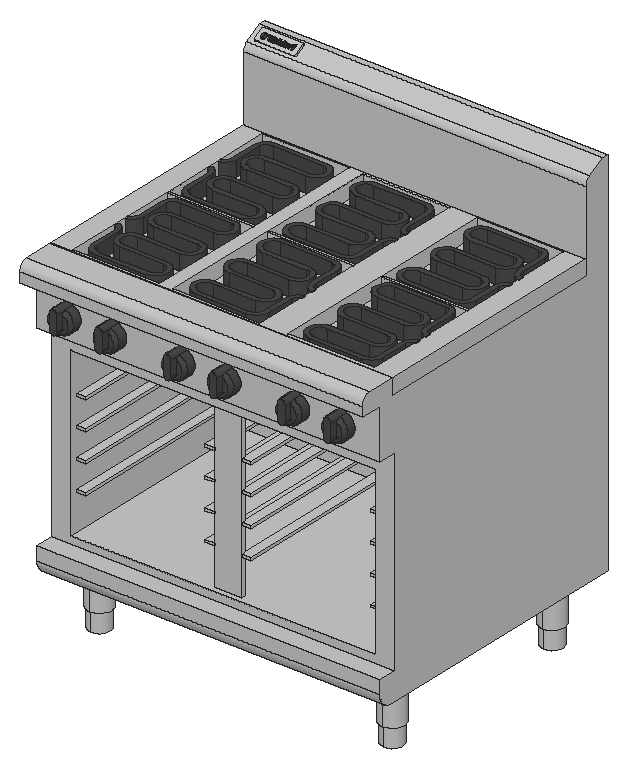
Revit family "QF_MOFFAT WALDORF_RN8600E-CB", category Specialty Equipment, Revit 2012
Parameters
  Weight in Pounds = 286.6006
  Watts = 14400 W
  Volts = 415 V
  URL Cutsheet = "www.moffat.com"
  URL = "www.moffat.com"
  Type Mark [instance] = ""
  Status [instance] = ""
  Specification by User [instance] = ""
  Specification by Manufacturer = ""
  Show Logo [instance] = yes
  Show Casters [instance] = no
  Serial Number = ""
  Seismic Rating = ""
  SMACNA No = ""
  Revision Code [instance] = ""
  Phase = 3
  Omniclass Number and Title = ""
  Number of Poles = 1
  NAFEM Spec ID Number = ""
  Model = "RN8600E-CB"
  Min Ckt Ampacity = 0 A
  Max Overcurrent Protection = 0 A
  Masterspec = ""
  Manufacturer = "MOFFAT WALDORF"
  Legs [instance] = not(Show Casters)  # yes
  Item Number [instance] = ""
  Installed By [instance] = ""
  Identify Quantity as Lot [instance] = yes
  HP = ""
  Furnished By [instance] = ""
  Foodservice Equipment Identifier [instance] = yes
  FL Amps = 20 A
  Elec Conn RI Height = 0.0 mm
  Elec Conn Connection Height = 0.0 mm
  Description = "COOK TOP ELECTRIC ON CABINET BASE"
  Cycle = 50 Hz
  Conn Plug = ""
  Conn Conduit = yes
  CSI MasterFormat = ""
  CSI Master Format = ""
  Base Height [instance] = 150.0 mm
  Apparent Power = if(Phase = 3, Volts * FL Amps * 1.73, Volts * FL Amps)  # 14359 VA
Reference planes
  plane 1 "BACK": y = 0
  plane 2: z = 0
  plane 3 "LEFT": x = 0
  plane 4 "RIGHT": x = 900
  plane 5 "FRONT": y = -805
  plane 6 "TOP": z = 1130
  plane 7 "Center Y": x = 450
  plane 8 "Center X": y = -402.5
  plane 9 "Base Height": z = 150
  plane 10: z = 915
  plane 11: x = 65.8
Forms (mm)
  Extrusion 1, solid, material "QF_Finishes_Stainless Steel"
    sketch origin (0, 0, 0) x (0, 1, 0) y (0, 0, 1)
      loop
        line (-805, 891) -> (-805, 866) -> (-749, 866) -> (-749, 735) -> (-130.5, 735) -> (-130.5, 222.5) -> (-749, 222.5) -> (-749, 188)
        arc (-749, 188) -> (-737.87, 161.13) -> (-711, 150) r 38
        line (-711, 150) -> (0, 150) -> (0, 1130) -> (-16.5, 1130) -> (-58.709, 1105.631)
        arc (-58.709, 1105.631) -> (-66.975, 1097.365) -> (-70, 1086.074) r 22.582
        line (-70, 1086.074) -> (-70, 875) -> (-705, 875) -> (-705, 915) -> (-781, 915)
        arc (-781, 915) -> (-797.971, 907.971) -> (-805, 891) r 24
    from 0 to 900
  Revolve 2, solid, material "QF_Finishes_Black"
    sketch origin (210, 0, 600) x (0, -1, 0) y (0, 0, 1)
      loop
        line (782, 229.605) -> (759, 229.605) -> (759, 202.105) -> (749, 202.105) -> (749, 197.105) -> (793, 197.105) -> (793, 223.757) -> (782, 229.605)
      axis (793, 197.105) -> (749, 197.105)
    angle from 0 to 360
  Extrusion 3, solid, material "QF_Finishes_Black"
    sketch origin (-78.431, 0, 496.003) x (1, 0, 0) y (0, 0, 1)
      loop
        line (298.431, 289) -> (298.431, 327.997)
        arc (298.431, 327.997) -> (288.431, 337.997) -> (278.431, 327.997) r 10
        line (278.431, 327.997) -> (278.431, 289)
        arc (278.431, 289) -> (288.431, 279) -> (298.431, 289) r 10
    from 759 to 808
  Extrusion 4, void
    sketch origin (705, 3, 100) x (1, 0, 0) y (0, 1, 0)
      loop
        circle (65, -35) r 13.5
    from 610 to 570
  Revolve 5, solid, material "QF_Finishes_Black"
    sketch origin (89.999, 0, 599.873) x (0, 1, 0) y (0, 0, -1)
      loop
        line (-782, -229.5) -> (-759, -229.5) -> (-759, -202) -> (-749, -202) -> (-749, -197) -> (-793, -197) -> (-793, -223.651) -> (-782, -229.5)
      axis (-793, -197) -> (-749, -197)
    angle from 0 to 360
  Extrusion 6, solid, material "QF_Finishes_Black"
    sketch origin (228.269, 0, 600.031) x (-1, 0, 0) y (0, 0, -1)
      loop
        arc (148.269, -184.969) -> (138.269, -174.969) -> (128.269, -184.969) r 10
        line (128.269, -184.969) -> (128.269, -223.969)
        arc (128.269, -223.969) -> (138.269, -233.969) -> (148.269, -223.969) r 10
        line (148.269, -223.969) -> (148.269, -184.969)
    from 759 to 808
  Revolve 7, solid, material "QF_Finishes_Black"
    sketch origin (510, 0, 600) x (0, -1, 0) y (0, 0, 1)
      loop
        line (782, 229.605) -> (759, 229.605) -> (759, 202.105) -> (749, 202.105) -> (749, 197.105) -> (793, 197.105) -> (793, 223.757) -> (782, 229.605)
      axis (793, 197.105) -> (749, 197.105)
    angle from 0 to 360
  Extrusion 8, solid, material "QF_Finishes_Black"
    sketch origin (371.569, 0, 496.003) x (1, 0, 0) y (0, 0, 1)
      loop
        line (148.431, 289) -> (148.431, 327.997)
        arc (148.431, 327.997) -> (138.431, 337.997) -> (128.431, 327.997) r 10
        line (128.431, 327.997) -> (128.431, 289)
        arc (128.431, 289) -> (138.431, 279) -> (148.431, 289) r 10
    from 759 to 808
  Revolve 9, solid, material "QF_Finishes_Black"
    sketch origin (389.999, 0, 599.873) x (0, 1, 0) y (0, 0, -1)
      loop
        line (-782, -229.5) -> (-759, -229.5) -> (-759, -202) -> (-749, -202) -> (-749, -197) -> (-793, -197) -> (-793, -223.651) -> (-782, -229.5)
      axis (-793, -197) -> (-749, -197)
    angle from 0 to 360
  Extrusion 10, solid, material "QF_Finishes_Black"
    sketch origin (378.269, 0, 600.031) x (-1, 0, 0) y (0, 0, -1)
      loop
        arc (-1.731, -184.969) -> (-11.731, -174.969) -> (-21.731, -184.969) r 10
        line (-21.731, -184.969) -> (-21.731, -223.969)
        arc (-21.731, -223.969) -> (-11.731, -233.969) -> (-1.731, -223.969) r 10
        line (-1.731, -223.969) -> (-1.731, -184.969)
    from 759 to 808
  Revolve 11, solid, material "QF_Finishes_Black"
    sketch origin (810, 0, 600) x (0, -1, 0) y (0, 0, 1)
      loop
        line (782, 229.605) -> (759, 229.605) -> (759, 202.105) -> (749, 202.105) -> (749, 197.105) -> (793, 197.105) -> (793, 223.757) -> (782, 229.605)
      axis (793, 197.105) -> (749, 197.105)
    angle from 0 to 360
  Extrusion 12, solid, material "QF_Finishes_Black"
    sketch origin (671.569, 0, 496.003) x (1, 0, 0) y (0, 0, 1)
      loop
        line (148.431, 289) -> (148.431, 327.997)
        arc (148.431, 327.997) -> (138.431, 337.997) -> (128.431, 327.997) r 10
        line (128.431, 327.997) -> (128.431, 289)
        arc (128.431, 289) -> (138.431, 279) -> (148.431, 289) r 10
    from 759 to 808
  Revolve 13, solid, material "QF_Finishes_Black"
    sketch origin (689.999, 0, 599.873) x (0, 1, 0) y (0, 0, -1)
      loop
        line (-782, -229.5) -> (-759, -229.5) -> (-759, -202) -> (-749, -202) -> (-749, -197) -> (-793, -197) -> (-793, -223.651) -> (-782, -229.5)
      axis (-793, -197) -> (-749, -197)
    angle from 0 to 360
  Extrusion 14, solid, material "QF_Finishes_Black"
    sketch origin (678.269, 0, 600.031) x (-1, 0, 0) y (0, 0, -1)
      loop
        arc (-1.731, -184.969) -> (-11.731, -174.969) -> (-21.731, -184.969) r 10
        line (-21.731, -184.969) -> (-21.731, -223.969)
        arc (-21.731, -223.969) -> (-11.731, -233.969) -> (-1.731, -223.969) r 10
        line (-1.731, -223.969) -> (-1.731, -184.969)
    from 759 to 808
  Extrusion 15, solid, material "QF_Finishes_Stainless Steel"
    sketch origin (0, -70, 875) x (0, -1, 0) y (1, 0, 0)
      loop
        line (1, 0) -> (635, 0) -> (635, 900) -> (1, 900) -> (1, 0)
      loop
        line (628.25, 54) -> (628.25, 282.75) -> (321.3, 282.75) -> (321.3, 54) -> (628.25, 54)
      loop
        line (6.75, 54) -> (313.7, 54) -> (313.7, 282.75) -> (6.75, 282.75) -> (6.75, 54)
      loop
        line (6.75, 317.25) -> (313.7, 317.25) -> (313.7, 546) -> (6.75, 546) -> (6.75, 317.25)
      loop
        line (628.25, 317.25) -> (628.25, 546) -> (321.3, 546) -> (321.3, 317.25) -> (628.25, 317.25)
      loop
        line (628.25, 846) -> (321.3, 846) -> (321.3, 617.25) -> (628.25, 617.25) -> (628.25, 846)
      loop
        line (6.75, 846) -> (6.75, 617.25) -> (313.7, 617.25) -> (313.7, 846) -> (6.75, 846)
    from 0 to 40
  Extrusion 16, solid, material "QF_Finishes_Black"
    sketch origin (0, -70, 875) x (0, -1, 0) y (1, 0, 0)
      loop
        arc (20.503, 102.138) -> (29.265, 78.692) -> (52.032, 68.293) r 32.731
        line (52.032, 68.293) -> (123.291, 68.293)
        arc (123.291, 68.293) -> (134.915, 64.189) -> (141.853, 54) r 19.786
        line (141.853, 54) -> (154.156, 54)
        arc (154.156, 54) -> (143.507, 72.673) -> (123.41, 80.3) r 31.79
        line (123.41, 80.3) -> (52.272, 80.3)
        arc (52.272, 80.3) -> (37.925, 87.003) -> (32.5, 101.881) r 20.722
        line (32.5, 101.881) -> (32.5, 234.6)
        arc (32.5, 234.6) -> (54.2, 256.3) -> (75.9, 234.6) r 21.7
        line (75.9, 234.6) -> (75.9, 122)
        arc (75.9, 122) -> (109.6, 88.3) -> (143.3, 122) r 33.7
        line (143.3, 122) -> (143.3, 234.6)
        arc (143.3, 234.6) -> (165, 256.3) -> (186.7, 234.6) r 21.7
        line (186.7, 234.6) -> (186.7, 122)
        arc (186.7, 122) -> (220.4, 88.3) -> (254.1, 122) r 33.7
        line (254.1, 122) -> (254.1, 234.6)
        arc (254.1, 234.6) -> (275.8, 256.3) -> (297.5, 234.6) r 21.7
        line (297.5, 234.6) -> (297.5, 101.881)
        arc (297.5, 101.881) -> (292.075, 87.003) -> (277.728, 80.3) r 20.722
        line (277.728, 80.3) -> (206.584, 80.3)
        arc (206.584, 80.3) -> (186.467, 72.659) -> (175.749, 54) r 31.973
        line (175.749, 54) -> (188.064, 54)
        arc (188.064, 54) -> (195.064, 64.184) -> (206.716, 68.3) r 19.973
        line (206.716, 68.3) -> (277.967, 68.3)
        arc (277.967, 68.3) -> (300.725, 78.682) -> (309.5, 102.106) r 32.722
        line (309.5, 102.106) -> (309.5, 234.6)
        arc (309.5, 234.6) -> (275.8, 268.3) -> (242.1, 234.6) r 33.7
        line (242.1, 234.6) -> (242.1, 122)
        arc (242.1, 122) -> (220.4, 100.3) -> (198.7, 122) r 21.7
        line (198.7, 122) -> (198.7, 234.6)
        arc (198.7, 234.6) -> (165, 268.3) -> (131.3, 234.6) r 33.7
        line (131.3, 234.6) -> (131.3, 122)
        arc (131.3, 122) -> (109.6, 100.3) -> (87.9, 122) r 21.7
        line (87.9, 122) -> (87.9, 234.6)
        arc (87.9, 234.6) -> (54.202, 268.298) -> (20.503, 234.6) r 33.698
        line (20.503, 234.6) -> (20.503, 102.138)
      loop
        arc (325.503, 102.138) -> (334.265, 78.692) -> (357.032, 68.293) r 32.731
        line (357.032, 68.293) -> (428.291, 68.293)
        arc (428.291, 68.293) -> (439.915, 64.189) -> (446.853, 54) r 19.786
        line (446.853, 54) -> (459.156, 54)
        arc (459.156, 54) -> (448.507, 72.673) -> (428.41, 80.3) r 31.79
        line (428.41, 80.3) -> (357.272, 80.3)
        arc (357.272, 80.3) -> (342.925, 87.003) -> (337.5, 101.881) r 20.722
        line (337.5, 101.881) -> (337.5, 234.6)
        arc (337.5, 234.6) -> (359.2, 256.3) -> (380.9, 234.6) r 21.7
        line (380.9, 234.6) -> (380.9, 122)
        arc (380.9, 122) -> (414.6, 88.3) -> (448.3, 122) r 33.7
        line (448.3, 122) -> (448.3, 234.6)
        arc (448.3, 234.6) -> (470, 256.3) -> (491.7, 234.6) r 21.7
        line (491.7, 234.6) -> (491.7, 122)
        arc (491.7, 122) -> (525.4, 88.3) -> (559.1, 122) r 33.7
        line (559.1, 122) -> (559.1, 234.6)
        arc (559.1, 234.6) -> (580.8, 256.3) -> (602.5, 234.6) r 21.7
        line (602.5, 234.6) -> (602.5, 101.881)
        arc (602.5, 101.881) -> (597.075, 87.003) -> (582.728, 80.3) r 20.722
        line (582.728, 80.3) -> (511.584, 80.3)
        arc (511.584, 80.3) -> (491.467, 72.659) -> (480.749, 54) r 31.973
        line (480.749, 54) -> (493.064, 54)
        arc (493.064, 54) -> (500.064, 64.184) -> (511.716, 68.3) r 19.973
        line (511.716, 68.3) -> (582.967, 68.3)
        arc (582.967, 68.3) -> (605.725, 78.682) -> (614.5, 102.106) r 32.722
        line (614.5, 102.106) -> (614.5, 234.6)
        arc (614.5, 234.6) -> (580.8, 268.3) -> (547.1, 234.6) r 33.7
        line (547.1, 234.6) -> (547.1, 122)
        arc (547.1, 122) -> (525.4, 100.3) -> (503.7, 122) r 21.7
        line (503.7, 122) -> (503.7, 234.6)
        arc (503.7, 234.6) -> (470, 268.3) -> (436.3, 234.6) r 33.7
        line (436.3, 234.6) -> (436.3, 122)
        arc (436.3, 122) -> (414.6, 100.3) -> (392.9, 122) r 21.7
        line (392.9, 122) -> (392.9, 234.6)
        arc (392.9, 234.6) -> (359.202, 268.298) -> (325.503, 234.6) r 33.698
        line (325.503, 234.6) -> (325.503, 102.138)
      loop
        line (20.503, 497.862) -> (20.503, 365.4)
        arc (20.503, 365.4) -> (54.202, 331.702) -> (87.9, 365.4) r 33.698
        line (87.9, 365.4) -> (87.9, 478)
        arc (87.9, 478) -> (109.6, 499.7) -> (131.3, 478) r 21.7
        line (131.3, 478) -> (131.3, 365.4)
        arc (131.3, 365.4) -> (165, 331.7) -> (198.7, 365.4) r 33.7
        line (198.7, 365.4) -> (198.7, 478)
        arc (198.7, 478) -> (220.4, 499.7) -> (242.1, 478) r 21.7
        line (242.1, 478) -> (242.1, 365.4)
        arc (242.1, 365.4) -> (275.8, 331.7) -> (309.5, 365.4) r 33.7
        line (309.5, 365.4) -> (309.5, 497.894)
        arc (309.5, 497.894) -> (300.725, 521.318) -> (277.967, 531.7) r 32.722
        line (277.967, 531.7) -> (206.716, 531.7)
        arc (206.716, 531.7) -> (195.064, 535.816) -> (188.064, 546) r 19.973
        line (188.064, 546) -> (175.749, 546)
        arc (175.749, 546) -> (186.467, 527.341) -> (206.584, 519.7) r 31.973
        line (206.584, 519.7) -> (277.728, 519.7)
        arc (277.728, 519.7) -> (292.075, 512.997) -> (297.5, 498.119) r 20.722
        line (297.5, 498.119) -> (297.5, 365.4)
        arc (297.5, 365.4) -> (275.8, 343.7) -> (254.1, 365.4) r 21.7
        line (254.1, 365.4) -> (254.1, 478)
        arc (254.1, 478) -> (220.4, 511.7) -> (186.7, 478) r 33.7
        line (186.7, 478) -> (186.7, 365.4)
        arc (186.7, 365.4) -> (165, 343.7) -> (143.3, 365.4) r 21.7
        line (143.3, 365.4) -> (143.3, 478)
        arc (143.3, 478) -> (109.6, 511.7) -> (75.9, 478) r 33.7
        line (75.9, 478) -> (75.9, 365.4)
        arc (75.9, 365.4) -> (54.2, 343.7) -> (32.5, 365.4) r 21.7
        line (32.5, 365.4) -> (32.5, 498.119)
        arc (32.5, 498.119) -> (37.925, 512.997) -> (52.272, 519.7) r 20.722
        line (52.272, 519.7) -> (123.41, 519.7)
        arc (123.41, 519.7) -> (143.507, 527.327) -> (154.156, 546) r 31.79
        line (154.156, 546) -> (141.853, 546)
        arc (141.853, 546) -> (134.915, 535.811) -> (123.291, 531.707) r 19.786
        line (123.291, 531.707) -> (52.032, 531.707)
        arc (52.032, 531.707) -> (29.265, 521.308) -> (20.503, 497.862) r 32.731
      loop
        line (325.503, 497.862) -> (325.503, 365.4)
        arc (325.503, 365.4) -> (359.202, 331.702) -> (392.9, 365.4) r 33.698
        line (392.9, 365.4) -> (392.9, 478)
        arc (392.9, 478) -> (414.6, 499.7) -> (436.3, 478) r 21.7
        line (436.3, 478) -> (436.3, 365.4)
        arc (436.3, 365.4) -> (470, 331.7) -> (503.7, 365.4) r 33.7
        line (503.7, 365.4) -> (503.7, 478)
        arc (503.7, 478) -> (525.4, 499.7) -> (547.1, 478) r 21.7
        line (547.1, 478) -> (547.1, 365.4)
        arc (547.1, 365.4) -> (580.8, 331.7) -> (614.5, 365.4) r 33.7
        line (614.5, 365.4) -> (614.5, 497.894)
        arc (614.5, 497.894) -> (605.725, 521.318) -> (582.967, 531.7) r 32.722
        line (582.967, 531.7) -> (511.716, 531.7)
        arc (511.716, 531.7) -> (500.064, 535.816) -> (493.064, 546) r 19.973
        line (493.064, 546) -> (480.749, 546)
        arc (480.749, 546) -> (491.467, 527.341) -> (511.584, 519.7) r 31.973
        line (511.584, 519.7) -> (582.728, 519.7)
        arc (582.728, 519.7) -> (597.075, 512.997) -> (602.5, 498.119) r 20.722
        line (602.5, 498.119) -> (602.5, 365.4)
        arc (602.5, 365.4) -> (580.8, 343.7) -> (559.1, 365.4) r 21.7
        line (559.1, 365.4) -> (559.1, 478)
        arc (559.1, 478) -> (525.4, 511.7) -> (491.7, 478) r 33.7
        line (491.7, 478) -> (491.7, 365.4)
        arc (491.7, 365.4) -> (470, 343.7) -> (448.3, 365.4) r 21.7
        line (448.3, 365.4) -> (448.3, 478)
        arc (448.3, 478) -> (414.6, 511.7) -> (380.9, 478) r 33.7
        line (380.9, 478) -> (380.9, 365.4)
        arc (380.9, 365.4) -> (359.2, 343.7) -> (337.5, 365.4) r 21.7
        line (337.5, 365.4) -> (337.5, 498.119)
        arc (337.5, 498.119) -> (342.925, 512.997) -> (357.272, 519.7) r 20.722
        line (357.272, 519.7) -> (428.41, 519.7)
        arc (428.41, 519.7) -> (448.507, 527.327) -> (459.156, 546) r 31.79
        line (459.156, 546) -> (446.853, 546)
        arc (446.853, 546) -> (439.915, 535.811) -> (428.291, 531.707) r 19.786
        line (428.291, 531.707) -> (357.032, 531.707)
        arc (357.032, 531.707) -> (334.265, 521.308) -> (325.503, 497.862) r 32.731
      loop
        line (20.503, 797.862) -> (20.503, 665.4)
        arc (20.503, 665.4) -> (54.202, 631.702) -> (87.9, 665.4) r 33.698
        line (87.9, 665.4) -> (87.9, 778)
        arc (87.9, 778) -> (109.6, 799.7) -> (131.3, 778) r 21.7
        line (131.3, 778) -> (131.3, 665.4)
        arc (131.3, 665.4) -> (165, 631.7) -> (198.7, 665.4) r 33.7
        line (198.7, 665.4) -> (198.7, 778)
        arc (198.7, 778) -> (220.4, 799.7) -> (242.1, 778) r 21.7
        line (242.1, 778) -> (242.1, 665.4)
        arc (242.1, 665.4) -> (275.8, 631.7) -> (309.5, 665.4) r 33.7
        line (309.5, 665.4) -> (309.5, 797.894)
        arc (309.5, 797.894) -> (300.725, 821.318) -> (277.967, 831.7) r 32.722
        line (277.967, 831.7) -> (206.716, 831.7)
        arc (206.716, 831.7) -> (195.064, 835.816) -> (188.064, 846) r 19.973
        line (188.064, 846) -> (175.749, 846)
        arc (175.749, 846) -> (186.467, 827.341) -> (206.584, 819.7) r 31.973
        line (206.584, 819.7) -> (277.728, 819.7)
        arc (277.728, 819.7) -> (292.075, 812.997) -> (297.5, 798.119) r 20.722
        line (297.5, 798.119) -> (297.5, 665.4)
        arc (297.5, 665.4) -> (275.8, 643.7) -> (254.1, 665.4) r 21.7
        line (254.1, 665.4) -> (254.1, 778)
        arc (254.1, 778) -> (220.4, 811.7) -> (186.7, 778) r 33.7
        line (186.7, 778) -> (186.7, 665.4)
        arc (186.7, 665.4) -> (165, 643.7) -> (143.3, 665.4) r 21.7
        line (143.3, 665.4) -> (143.3, 778)
        arc (143.3, 778) -> (109.6, 811.7) -> (75.9, 778) r 33.7
        line (75.9, 778) -> (75.9, 665.4)
        arc (75.9, 665.4) -> (54.2, 643.7) -> (32.5, 665.4) r 21.7
        line (32.5, 665.4) -> (32.5, 798.119)
        arc (32.5, 798.119) -> (37.925, 812.997) -> (52.272, 819.7) r 20.722
        line (52.272, 819.7) -> (123.41, 819.7)
        arc (123.41, 819.7) -> (143.507, 827.327) -> (154.156, 846) r 31.79
        line (154.156, 846) -> (141.853, 846)
        arc (141.853, 846) -> (134.915, 835.811) -> (123.291, 831.707) r 19.786
        line (123.291, 831.707) -> (52.032, 831.707)
        arc (52.032, 831.707) -> (29.265, 821.308) -> (20.503, 797.862) r 32.731
      loop
        line (325.503, 797.862) -> (325.503, 665.4)
        arc (325.503, 665.4) -> (359.202, 631.702) -> (392.9, 665.4) r 33.698
        line (392.9, 665.4) -> (392.9, 778)
        arc (392.9, 778) -> (414.6, 799.7) -> (436.3, 778) r 21.7
        line (436.3, 778) -> (436.3, 665.4)
        arc (436.3, 665.4) -> (470, 631.7) -> (503.7, 665.4) r 33.7
        line (503.7, 665.4) -> (503.7, 778)
        arc (503.7, 778) -> (525.4, 799.7) -> (547.1, 778) r 21.7
        line (547.1, 778) -> (547.1, 665.4)
        arc (547.1, 665.4) -> (580.8, 631.7) -> (614.5, 665.4) r 33.7
        line (614.5, 665.4) -> (614.5, 797.894)
        arc (614.5, 797.894) -> (605.725, 821.318) -> (582.967, 831.7) r 32.722
        line (582.967, 831.7) -> (511.716, 831.7)
        arc (511.716, 831.7) -> (500.064, 835.816) -> (493.064, 846) r 19.973
        line (493.064, 846) -> (480.749, 846)
        arc (480.749, 846) -> (491.467, 827.341) -> (511.584, 819.7) r 31.973
        line (511.584, 819.7) -> (582.728, 819.7)
        arc (582.728, 819.7) -> (597.075, 812.997) -> (602.5, 798.119) r 20.722
        line (602.5, 798.119) -> (602.5, 665.4)
        arc (602.5, 665.4) -> (580.8, 643.7) -> (559.1, 665.4) r 21.7
        line (559.1, 665.4) -> (559.1, 778)
        arc (559.1, 778) -> (525.4, 811.7) -> (491.7, 778) r 33.7
        line (491.7, 778) -> (491.7, 665.4)
        arc (491.7, 665.4) -> (470, 643.7) -> (448.3, 665.4) r 21.7
        line (448.3, 665.4) -> (448.3, 778)
        arc (448.3, 778) -> (414.6, 811.7) -> (380.9, 778) r 33.7
        line (380.9, 778) -> (380.9, 665.4)
        arc (380.9, 665.4) -> (359.2, 643.7) -> (337.5, 665.4) r 21.7
        line (337.5, 665.4) -> (337.5, 798.119)
        arc (337.5, 798.119) -> (342.925, 812.997) -> (357.272, 819.7) r 20.722
        line (357.272, 819.7) -> (428.41, 819.7)
        arc (428.41, 819.7) -> (448.507, 827.327) -> (459.156, 846) r 31.79
        line (459.156, 846) -> (446.853, 846)
        arc (446.853, 846) -> (439.915, 835.811) -> (428.291, 831.707) r 19.786
        line (428.291, 831.707) -> (357.032, 831.707)
        arc (357.032, 831.707) -> (334.265, 821.308) -> (325.503, 797.862) r 32.731
    from 0 to 40
  Revolve 17, solid, material "QF_Finishes_Stainless Steel", visible <- "Legs"
    sketch origin (65, -165, 0) x (0, 1, 0) y (0, 0, 1)
      loop
        line (33.25, 150) -> (33.25, 50) -> (37.5, 50) -> (37.5, 0) -> (65, 0) -> (65, 150) -> (33.25, 150)
      axis (65, 150) -> (65, 0)
    angle from 0 to 360
  Revolve 18, solid, material "QF_Finishes_Stainless Steel"
    sketch origin (65, -735, 0) x (0, 1, 0) y (0, 0, 1)
      loop
        line (78.25, 150) -> (78.25, 50) -> (82.5, 50) -> (82.5, 0) -> (110, 0) -> (110, 150) -> (78.25, 150)
      axis (110, 150) -> (110, 0)
    angle from 0 to 360
  Revolve 19, solid, material "QF_Finishes_Stainless Steel", visible <- "Legs"
    sketch origin (835, -165, 0) x (0, 1, 0) y (0, 0, -1)
      loop
        line (33.25, -150) -> (65, -150) -> (65, 0) -> (37.5, 0) -> (37.5, -50) -> (33.25, -50) -> (33.25, -150)
      axis (65, -150) -> (65, 0)
    angle from 0 to 360
  Revolve 20, solid, material "QF_Finishes_Stainless Steel"
    sketch origin (835, -735, 0) x (0, 1, 0) y (0, 0, -1)
      loop
        line (78.25, -150) -> (110, -150) -> (110, 0) -> (82.5, 0) -> (82.5, -50) -> (78.25, -50) -> (78.25, -150)
      axis (110, -150) -> (110, 0)
    angle from 0 to 360
  Extrusion 21, solid, material "QF_Finishes_Stainless Steel"
    sketch origin (0, -130.5, 735) x (0, 0, 1) y (-1, 0, 0)
      loop
        line (0, -900) -> (0, 0) -> (-512.5, 0) -> (-512.5, -900) -> (0, -900)
      loop
        line (-55, -850) -> (-55, -50) -> (-492.5, -50) -> (-492.5, -850) -> (-55, -850)
    from 0 to 568.5
  Extrusion 22, void
    sketch origin (0, 0, 150) x (-1, 0, 0) y (0, -1, 0)
      loop
        line (-824.497, 87.26) -> (-824.497, -30.24) -> (-694.997, -30.24) -> (-694.997, 38.76) -> (-743.497, 87.26) -> (-824.497, 87.26)
    from 72.5 to 560
  Extrusion 23, solid, material "QF_Finishes_Stainless Steel"
    sketch origin (0, -130.5, 735) x (0, 0, 1) y (-1, 0, 0)
      loop
        line (-55, -485.5) -> (-55, -414.5) -> (-492.5, -414.5) -> (-492.5, -485.5) -> (-55, -485.5)
    from 543.302 to 553.302
  Extrusion 24, solid, material "QF_Finishes_Stainless Steel"
    sketch origin (0, -130.5, 735) x (0, 0, 1) y (-1, 0, 0)
      loop
        line (-246.25, -414.5) -> (-239.9, -414.5) -> (-239.9, -389.5) -> (-246.25, -389.5) -> (-246.25, -414.5)
      loop
        line (-321.25, -414.5) -> (-314.9, -414.5) -> (-314.9, -389.5) -> (-321.25, -389.5) -> (-321.25, -414.5)
      loop
        line (-321.25, -50) -> (-321.25, -75) -> (-314.9, -75) -> (-314.9, -50) -> (-321.25, -50)
      loop
        line (-239.9, -75) -> (-239.9, -50) -> (-246.25, -50) -> (-246.25, -75) -> (-239.9, -75)
      loop
        line (-396.25, -414.5) -> (-389.9, -414.5) -> (-389.9, -389.5) -> (-396.25, -389.5) -> (-396.25, -414.5)
      loop
        line (-396.25, -50) -> (-396.25, -75) -> (-389.9, -75) -> (-389.9, -50) -> (-396.25, -50)
      loop
        line (-171.25, -414.5) -> (-164.9, -414.5) -> (-164.9, -389.5) -> (-171.25, -389.5) -> (-171.25, -414.5)
      loop
        line (-164.9, -75) -> (-164.9, -50) -> (-171.25, -50) -> (-171.25, -75) -> (-164.9, -75)
      loop
        line (-246.25, -485.5) -> (-246.25, -510.5) -> (-239.9, -510.5) -> (-239.9, -485.5) -> (-246.25, -485.5)
      loop
        line (-321.25, -485.5) -> (-321.25, -510.5) -> (-314.9, -510.5) -> (-314.9, -485.5) -> (-321.25, -485.5)
      loop
        line (-321.25, -850) -> (-314.9, -850) -> (-314.9, -825) -> (-321.25, -825) -> (-321.25, -850)
      loop
        line (-239.9, -825) -> (-246.25, -825) -> (-246.25, -850) -> (-239.9, -850) -> (-239.9, -825)
      loop
        line (-396.25, -485.5) -> (-396.25, -510.5) -> (-389.9, -510.5) -> (-389.9, -485.5) -> (-396.25, -485.5)
      loop
        line (-396.25, -850) -> (-389.9, -850) -> (-389.9, -825) -> (-396.25, -825) -> (-396.25, -850)
      loop
        line (-171.25, -485.5) -> (-171.25, -510.5) -> (-164.9, -510.5) -> (-164.9, -485.5) -> (-171.25, -485.5)
      loop
        line (-164.9, -825) -> (-171.25, -825) -> (-171.25, -850) -> (-164.9, -850) -> (-164.9, -825)
    from 0 to 553.302
  Extrusion 25, solid, material "QF_Finishes_Stainless Steel"
    sketch origin (705, -4.5, 710) x (0, 1, 0) y (1, 0, 0)
      loop
        circle (-34.187, 51.276) r 6.35
    from 0 to 1.6
Cuts and joins
  Extrusion 4, Extrusion 22 cuts Extrusion 1
  joined: Extrusion 1, Extrusion 21
Lines and regions (mm)
  Split face 1
    outline origin (49.063, -19.748, 1128.125) x (0, -0.866025, -0.5) y (1, 0, 0)
      loop
        line (1.427, 105.5) -> (35.836, 105.5) -> (35.836, 125.5) -> (1.427, 125.5) -> (1.427, 105.5)
  Split face 2
    outline origin (99.063, -19.748, 1128.125) x (0, -0.866025, -0.5) y (1, 0, 0)
      loop
        line (1.427, 105.5) -> (35.836, 105.5) -> (35.836, 125.5) -> (1.427, 125.5) -> (1.427, 105.5)
  Split face 3
    outline origin (149.063, -19.748, 1128.125) x (0, -0.866025, -0.5) y (1, 0, 0)
      loop
        line (1.427, 105.5) -> (35.836, 105.5) -> (35.836, 125.5) -> (1.427, 125.5) -> (1.427, 105.5)
  Split face 4
    outline origin (199.063, -19.748, 1128.125) x (0, -0.866025, -0.5) y (1, 0, 0)
      loop
        line (1.427, 105.5) -> (35.836, 105.5) -> (35.836, 125.5) -> (1.427, 125.5) -> (1.427, 105.5)
  Split face 5
    outline origin (249.063, -19.748, 1128.125) x (0, -0.866025, -0.5) y (1, 0, 0)
      loop
        line (1.427, 105.5) -> (35.836, 105.5) -> (35.836, 125.5) -> (1.427, 125.5) -> (1.427, 105.5)
  Split face 6
    outline origin (299.063, -19.748, 1128.125) x (0, -0.866025, -0.5) y (1, 0, 0)
      loop
        line (1.427, 105.5) -> (35.836, 105.5) -> (35.836, 125.5) -> (1.427, 125.5) -> (1.427, 105.5)
  Split face 7
    outline origin (349.063, -19.748, 1128.125) x (0, -0.866025, -0.5) y (1, 0, 0)
      loop
        line (1.427, 105.5) -> (35.836, 105.5) -> (35.836, 125.5) -> (1.427, 125.5) -> (1.427, 105.5)
  Split face 8
    outline origin (399.063, -19.748, 1128.125) x (0, -0.866025, -0.5) y (1, 0, 0)
      loop
        line (1.427, 105.5) -> (35.836, 105.5) -> (35.836, 125.5) -> (1.427, 125.5) -> (1.427, 105.5)
  Split face 9
    outline origin (449.063, -19.748, 1128.125) x (0, -0.866025, -0.5) y (1, 0, 0)
      loop
        line (1.427, 105.5) -> (35.836, 105.5) -> (35.836, 125.5) -> (1.427, 125.5) -> (1.427, 105.5)
  Split face 10
    outline origin (499.063, -19.748, 1128.125) x (0, -0.866025, -0.5) y (1, 0, 0)
      loop
        line (1.427, 105.5) -> (35.836, 105.5) -> (35.836, 125.5) -> (1.427, 125.5) -> (1.427, 105.5)
  Split face 11
    outline origin (549.063, -19.748, 1128.125) x (0, -0.866025, -0.5) y (1, 0, 0)
      loop
        line (1.427, 105.5) -> (35.836, 105.5) -> (35.836, 125.5) -> (1.427, 125.5) -> (1.427, 105.5)
  Split face 12
    outline origin (599.063, -19.748, 1128.125) x (0, -0.866025, -0.5) y (1, 0, 0)
      loop
        line (1.427, 105.5) -> (35.836, 105.5) -> (35.836, 125.5) -> (1.427, 125.5) -> (1.427, 105.5)
  symbolic lines, visible <- "Show Logo"
    curve 1: line (12.5, -52.06, 0) -> (12.5, -21.099, 0)
    curve 2: line (121.5, -21.099, 0) -> (121.5, -52.06, 0)
    curve 3: line (12.5, -21.099, 0) -> (121.5, -21.099, 0)
    curve 4: line (12.5, -52.06, 0) -> (121.5, -52.06, 0)
  symbolic lines
    curve 5: line (154.563, -50.782, 0) -> (154.563, -20.984, 0)
    curve 6: line (154.563, -20.984, 0) -> (174.562, -20.984, 0)
    curve 7: line (174.562, -20.984, 0) -> (174.562, -50.782, 0)
    curve 8: line (174.562, -50.782, 0) -> (154.563, -50.782, 0)
    curve 9: line (204.563, -20.984, 0) -> (204.563, -50.782, 0)
    curve 10: line (204.563, -50.782, 0) -> (224.562, -50.782, 0)
    curve 11: line (224.562, -50.782, 0) -> (224.562, -20.984, 0)
    curve 12: line (224.562, -20.984, 0) -> (204.563, -20.984, 0)
    curve 13: line (254.563, -20.984, 0) -> (254.563, -50.782, 0)
    curve 14: line (254.563, -50.782, 0) -> (274.562, -50.782, 0)
    curve 15: line (274.562, -50.782, 0) -> (274.562, -20.984, 0)
    curve 16: line (274.562, -20.984, 0) -> (254.563, -20.984, 0)
    curve 17: line (304.563, -20.984, 0) -> (304.563, -50.782, 0)
    curve 18: line (304.563, -50.782, 0) -> (324.563, -50.782, 0)
    curve 19: line (324.563, -50.782, 0) -> (324.563, -20.984, 0)
    curve 20: line (324.563, -20.984, 0) -> (304.563, -20.984, 0)
    curve 21: line (354.563, -20.984, 0) -> (354.563, -50.782, 0)
    curve 22: line (354.563, -50.782, 0) -> (374.563, -50.782, 0)
    curve 23: line (374.563, -50.782, 0) -> (374.563, -20.984, 0)
    curve 24: line (374.563, -20.984, 0) -> (354.563, -20.984, 0)
    curve 25: line (404.563, -50.782, 0) -> (404.563, -20.984, 0)
    curve 26: line (404.563, -20.984, 0) -> (424.563, -20.984, 0)
    curve 27: line (424.563, -20.984, 0) -> (424.563, -50.782, 0)
    curve 28: line (424.563, -50.782, 0) -> (404.563, -50.782, 0)
    curve 29: line (454.563, -50.782, 0) -> (454.563, -20.984, 0)
    curve 30: line (454.563, -20.984, 0) -> (474.563, -20.984, 0)
    curve 31: line (474.563, -20.984, 0) -> (474.563, -50.782, 0)
    curve 32: line (474.563, -50.782, 0) -> (454.563, -50.782, 0)
    curve 33: line (504.563, -20.984, 0) -> (504.563, -50.782, 0)
    curve 34: line (504.563, -50.782, 0) -> (524.563, -50.782, 0)
    curve 35: line (524.563, -50.782, 0) -> (524.563, -20.984, 0)
    curve 36: line (524.563, -20.984, 0) -> (504.563, -20.984, 0)
    curve 37: line (554.563, -50.782, 0) -> (554.563, -20.984, 0)
    curve 38: line (554.563, -20.984, 0) -> (574.563, -20.984, 0)
    curve 39: line (574.563, -20.984, 0) -> (574.563, -50.782, 0)
    curve 40: line (574.563, -50.782, 0) -> (554.563, -50.782, 0)
    curve 41: line (604.563, -50.782, 0) -> (604.563, -20.984, 0)
    curve 42: line (604.563, -20.984, 0) -> (624.563, -20.984, 0)
    curve 43: line (624.563, -20.984, 0) -> (624.563, -50.782, 0)
    curve 44: line (624.563, -50.782, 0) -> (604.563, -50.782, 0)
    curve 45: line (654.563, -50.782, 0) -> (654.563, -20.984, 0)
    curve 46: line (654.563, -20.984, 0) -> (674.563, -20.984, 0)
    curve 47: line (674.563, -20.984, 0) -> (674.563, -50.782, 0)
    curve 48: line (674.563, -50.782, 0) -> (654.563, -50.782, 0)
    curve 49: line (724.563, -50.782, 0) -> (704.563, -50.782, 0)
    curve 50: line (704.563, -50.782, 0) -> (704.563, -20.984, 0)
    curve 51: line (704.563, -20.984, 0) -> (724.563, -20.984, 0)
    curve 52: line (724.563, -20.984, 0) -> (724.563, -50.782, 0)
    curve 53: line (0, -805, 0) -> (900, -805, 0)
    curve 54: line (0, 0, 0) -> (0, -805, 0)
    curve 55: line (900, -805, 0) -> (900, 0, 0)
    curve 56: line (900, 0, 0) -> (0, 0, 0)
    curve 57: line (0, -70, 0) -> (900, -70, 0)
    curve 58: line (900, -705, 0) -> (0, -705, 0)
    curve 59: arc (54, -218.043, 0) -> (68.436, -209.222, 0) -> (74.3, -193.354, 0) r 25.79
    curve 60: line (74.3, -193.354, 0) -> (74.3, -122.146, 0)
    curve 61: arc (74.3, -122.146, 0) -> (82.847, -103.595, 0) -> (102, -96.5, 0) r 26.722
    curve 62: line (102, -96.5, 0) -> (234.6, -96.5, 0)
    curve 63: arc (234.6, -96.5, 0) -> (262.3, -124.2, 0) -> (234.6, -151.9, 0) r 27.7
    curve 64: line (234.6, -151.9, 0) -> (122, -151.9, 0)
    curve 65: arc (122, -151.9, 0) -> (94.3, -179.6, 0) -> (122, -207.3, 0) r 27.7
    curve 66: line (122, -207.3, 0) -> (234.6, -207.3, 0)
    curve 67: arc (234.6, -207.3, 0) -> (262.3, -235, 0) -> (234.6, -262.7, 0) r 27.7
    curve 68: line (234.6, -262.7, 0) -> (122, -262.7, 0)
    curve 69: arc (122, -262.7, 0) -> (94.3, -290.4, 0) -> (122, -318.1, 0) r 27.7
    curve 70: line (122, -318.1, 0) -> (234.6, -318.1, 0)
    curve 71: arc (234.6, -318.1, 0) -> (262.3, -345.8, 0) -> (234.6, -373.5, 0) r 27.7
    curve 72: line (234.6, -373.5, 0) -> (102, -373.5, 0)
    curve 73: arc (102, -373.5, 0) -> (82.847, -366.405, 0) -> (74.3, -347.854, 0) r 26.722
    curve 74: line (74.3, -347.854, 0) -> (74.3, -276.646, 0)
    curve 75: arc (74.3, -276.646, 0) -> (68.424, -260.755, 0) -> (54, -251.869, 0) r 25.973
    curve 76: arc (54, -523.043, 0) -> (68.436, -514.222, 0) -> (74.3, -498.354, 0) r 25.79
    curve 77: line (74.3, -498.354, 0) -> (74.3, -427.146, 0)
    curve 78: arc (74.3, -427.146, 0) -> (82.847, -408.595, 0) -> (102, -401.5, 0) r 26.722
    curve 79: line (102, -401.5, 0) -> (234.6, -401.5, 0)
    curve 80: arc (234.6, -401.5, 0) -> (262.3, -429.2, 0) -> (234.6, -456.9, 0) r 27.7
    curve 81: line (234.6, -456.9, 0) -> (122, -456.9, 0)
    curve 82: arc (122, -456.9, 0) -> (94.3, -484.6, 0) -> (122, -512.3, 0) r 27.7
    curve 83: line (122, -512.3, 0) -> (234.6, -512.3, 0)
    curve 84: arc (234.6, -512.3, 0) -> (262.3, -540, 0) -> (234.6, -567.7, 0) r 27.7
    curve 85: line (234.6, -567.7, 0) -> (122, -567.7, 0)
    curve 86: arc (122, -567.7, 0) -> (94.3, -595.4, 0) -> (122, -623.1, 0) r 27.7
    curve 87: line (122, -623.1, 0) -> (234.6, -623.1, 0)
    curve 88: arc (234.6, -623.1, 0) -> (262.3, -650.8, 0) -> (234.6, -678.5, 0) r 27.7
    curve 89: line (234.6, -678.5, 0) -> (102, -678.5, 0)
    curve 90: arc (102, -678.5, 0) -> (82.847, -671.405, 0) -> (74.3, -652.854, 0) r 26.722
    curve 91: line (74.3, -652.854, 0) -> (74.3, -581.646, 0)
    curve 92: arc (74.3, -581.646, 0) -> (68.424, -565.755, 0) -> (54, -556.869, 0) r 25.973
    curve 93: arc (545.338, -218.043, 0) -> (530.902, -209.222, 0) -> (525.038, -193.354, 0) r 25.79
    curve 94: line (525.038, -193.354, 0) -> (525.038, -122.146, 0)
    curve 95: arc (525.038, -122.146, 0) -> (516.491, -103.595, 0) -> (497.338, -96.5, 0) r 26.722
    curve 96: line (497.338, -96.5, 0) -> (364.738, -96.5, 0)
    curve 97: arc (364.738, -96.5, 0) -> (337.038, -124.2, 0) -> (364.738, -151.9, 0) r 27.7
    curve 98: line (364.738, -151.9, 0) -> (477.338, -151.9, 0)
    curve 99: arc (477.338, -151.9, 0) -> (505.038, -179.6, 0) -> (477.338, -207.3, 0) r 27.7
    curve 100: line (477.338, -207.3, 0) -> (364.738, -207.3, 0)
    curve 101: arc (364.738, -207.3, 0) -> (337.038, -235, 0) -> (364.738, -262.7, 0) r 27.7
    curve 102: line (364.738, -262.7, 0) -> (477.338, -262.7, 0)
    curve 103: arc (477.338, -262.7, 0) -> (505.038, -290.4, 0) -> (477.338, -318.1, 0) r 27.7
    curve 104: line (477.338, -318.1, 0) -> (364.738, -318.1, 0)
    curve 105: arc (364.738, -318.1, 0) -> (337.038, -345.8, 0) -> (364.738, -373.5, 0) r 27.7
    curve 106: line (364.738, -373.5, 0) -> (497.338, -373.5, 0)
    curve 107: arc (497.338, -373.5, 0) -> (516.491, -366.405, 0) -> (525.038, -347.854, 0) r 26.722
    curve 108: line (525.038, -347.854, 0) -> (525.038, -276.646, 0)
    curve 109: arc (525.038, -276.646, 0) -> (530.914, -260.755, 0) -> (545.338, -251.869, 0) r 25.973
    curve 110: arc (545.338, -523.043, 0) -> (530.902, -514.222, 0) -> (525.038, -498.354, 0) r 25.79
    curve 111: line (525.038, -498.354, 0) -> (525.038, -427.146, 0)
    curve 112: arc (525.038, -427.146, 0) -> (516.491, -408.595, 0) -> (497.338, -401.5, 0) r 26.722
    curve 113: line (497.338, -401.5, 0) -> (364.738, -401.5, 0)
    curve 114: arc (364.738, -401.5, 0) -> (337.038, -429.2, 0) -> (364.738, -456.9, 0) r 27.7
    curve 115: line (364.738, -456.9, 0) -> (477.338, -456.9, 0)
    curve 116: arc (477.338, -456.9, 0) -> (505.038, -484.6, 0) -> (477.338, -512.3, 0) r 27.7
    curve 117: line (477.338, -512.3, 0) -> (364.738, -512.3, 0)
    curve 118: arc (364.738, -512.3, 0) -> (337.038, -540, 0) -> (364.738, -567.7, 0) r 27.7
    curve 119: line (364.738, -567.7, 0) -> (477.338, -567.7, 0)
    curve 120: arc (477.338, -567.7, 0) -> (505.038, -595.4, 0) -> (477.338, -623.1, 0) r 27.7
    curve 121: line (477.338, -623.1, 0) -> (364.738, -623.1, 0)
    curve 122: arc (364.738, -623.1, 0) -> (337.038, -650.8, 0) -> (364.738, -678.5, 0) r 27.7
    curve 123: line (364.738, -678.5, 0) -> (497.338, -678.5, 0)
    curve 124: arc (497.338, -678.5, 0) -> (516.491, -671.405, 0) -> (525.038, -652.854, 0) r 26.722
    curve 125: line (525.038, -652.854, 0) -> (525.038, -581.646, 0)
    curve 126: arc (525.038, -581.646, 0) -> (530.914, -565.755, 0) -> (545.338, -556.869, 0) r 25.973
    curve 127: arc (845.338, -218.043, 0) -> (830.902, -209.222, 0) -> (825.038, -193.354, 0) r 25.79
    curve 128: line (825.038, -193.354, 0) -> (825.038, -122.146, 0)
    curve 129: arc (825.038, -122.146, 0) -> (816.491, -103.595, 0) -> (797.338, -96.5, 0) r 26.722
    curve 130: line (797.338, -96.5, 0) -> (664.738, -96.5, 0)
    curve 131: arc (664.738, -96.5, 0) -> (637.038, -124.2, 0) -> (664.738, -151.9, 0) r 27.7
    curve 132: line (664.738, -151.9, 0) -> (777.338, -151.9, 0)
    curve 133: arc (777.338, -151.9, 0) -> (805.038, -179.6, 0) -> (777.338, -207.3, 0) r 27.7
    curve 134: line (777.338, -207.3, 0) -> (664.738, -207.3, 0)
    curve 135: arc (664.738, -207.3, 0) -> (637.038, -235, 0) -> (664.738, -262.7, 0) r 27.7
    curve 136: line (664.738, -262.7, 0) -> (777.338, -262.7, 0)
    curve 137: arc (777.338, -262.7, 0) -> (805.038, -290.4, 0) -> (777.338, -318.1, 0) r 27.7
    curve 138: line (777.338, -318.1, 0) -> (664.738, -318.1, 0)
    curve 139: arc (664.738, -318.1, 0) -> (637.038, -345.8, 0) -> (664.738, -373.5, 0) r 27.7
    curve 140: line (664.738, -373.5, 0) -> (797.338, -373.5, 0)
    curve 141: arc (797.338, -373.5, 0) -> (816.491, -366.405, 0) -> (825.038, -347.854, 0) r 26.722
    curve 142: line (825.038, -347.854, 0) -> (825.038, -276.646, 0)
    curve 143: arc (825.038, -276.646, 0) -> (830.914, -260.755, 0) -> (845.338, -251.869, 0) r 25.973
    curve 144: arc (845.338, -523.043, 0) -> (830.902, -514.222, 0) -> (825.038, -498.354, 0) r 25.79
    curve 145: line (825.038, -498.354, 0) -> (825.038, -427.146, 0)
    curve 146: arc (825.038, -427.146, 0) -> (816.491, -408.595, 0) -> (797.338, -401.5, 0) r 26.722
    curve 147: line (797.338, -401.5, 0) -> (664.738, -401.5, 0)
    curve 148: arc (664.738, -401.5, 0) -> (637.038, -429.2, 0) -> (664.738, -456.9, 0) r 27.7
    curve 149: line (664.738, -456.9, 0) -> (777.338, -456.9, 0)
    curve 150: arc (777.338, -456.9, 0) -> (805.038, -484.6, 0) -> (777.338, -512.3, 0) r 27.7
    curve 151: line (777.338, -512.3, 0) -> (664.738, -512.3, 0)
    curve 152: arc (664.738, -512.3, 0) -> (637.038, -540, 0) -> (664.738, -567.7, 0) r 27.7
    curve 153: line (664.738, -567.7, 0) -> (777.338, -567.7, 0)
    curve 154: arc (777.338, -567.7, 0) -> (805.038, -595.4, 0) -> (777.338, -623.1, 0) r 27.7
    curve 155: line (777.338, -623.1, 0) -> (664.738, -623.1, 0)
    curve 156: arc (664.738, -623.1, 0) -> (637.038, -650.8, 0) -> (664.738, -678.5, 0) r 27.7
    curve 157: line (664.738, -678.5, 0) -> (797.338, -678.5, 0)
    curve 158: arc (797.338, -678.5, 0) -> (816.491, -671.405, 0) -> (825.038, -652.854, 0) r 26.722
    curve 159: line (825.038, -652.854, 0) -> (825.038, -581.646, 0)
    curve 160: arc (825.038, -581.646, 0) -> (830.914, -565.755, 0) -> (845.338, -556.869, 0) r 25.973
    curve 161: line (54, -705, 0) -> (54, -70, 0)
    curve 162: line (282.75, -70, 0) -> (282.75, -705, 0)
    curve 163: line (317.25, -705, 0) -> (317.25, -70, 0)
    curve 164: line (546, -70, 0) -> (546, -705, 0)
    curve 165: line (617.25, -705, 0) -> (617.25, -70, 0)
    curve 166: line (846, -70, 0) -> (846, -705, 0)
    curve 167: line (282.75, -387.5, 0) -> (54, -387.5, 0)
    curve 168: line (317.25, -387.5, 0) -> (546, -387.5, 0)
    curve 169: line (617.25, -387.5, 0) -> (846, -387.5, 0)
Dimensions and locks
  equal spacing: plane 3 "LEFT", plane 7 "Center Y", plane 4 "RIGHT"
  plane 3 "LEFT" to plane 4 "RIGHT" = 900.0 mm
  equal spacing: plane 5 "FRONT", plane 8 "Center X", plane 1 "BACK"
  plane 5 "FRONT" to plane 1 "BACK" = 805.0 mm
  "Base Height": plane 9 "Base Height" to level
  plane 6 "TOP" to level = 1130.0 mm
  plane 10 to level = 915.0 mm
  locked: nested 1 to nested 1 at 17.226
  Revolve 11 sketch curve to Revolve 11 sketch curve to Revolve 13 = 11.0 mm locked, 23.0 mm locked
  cut or joined group of Extrusion 1, Extrusion 4, Extrusion 21, Extrusion 22 to level = 710.0 mm
  plane 6 "TOP" to nested 1 to nested 1 = 1.576 mm locked, 17.226 mm locked
  aligned and locked: level to plane 2
  aligned and locked: Extrusion 1 to Revolve 11 sketch curve
Automatic sketch dimensions
  curve 53 to plane 3 "LEFT" = 0.0 mm
  plane 1 "BACK" to curve 56 = 0.0 mm
  curve 56 to plane 4 "RIGHT" = 0.0 mm
  plane 5 "FRONT" to curve 55 = 0.0 mm
  plane 3 "LEFT" to curve 1 = 12.5 mm
  plane 3 "LEFT" to curve 75 = 48.333 mm
  plane 3 "LEFT" to curve 92 = 48.333 mm
  plane 3 "LEFT" to curve 76 = 48.516 mm
  plane 3 "LEFT" to curve 59 = 48.516 mm
  curve 92 to curve 92 = 5.667 mm
  curve 161 to plane 8 "Center X" = 302.5 mm
  plane 3 "LEFT" to curve 161 = 54.0 mm
  curve 76 to curve 76 = 5.484 mm
  curve 77 to plane 8 "Center X" = 24.646 mm
  curve 161 to curve 77 = 20.3 mm
  curve 92 to curve 92 = 25.967 mm
  curve 75 to curve 75 = 25.967 mm
  curve 59 to curve 59 = 25.784 mm
  curve 60 to curve 61 = 26.701 mm
  curve 90 to curve 90 = 26.701 mm
  curve 77 to curve 78 = 26.701 mm
  curve 73 to curve 73 = 26.701 mm
  curve 73 to curve 72 = 0.999 mm
  plane 8 "Center X" to curve 78 = 1.0 mm
  curve 78 to curve 78 = 0.999 mm
  curve 90 to curve 89 = 0.999 mm
  curve 61 to curve 62 = 0.999 mm
  curve 61 to curve 2 = 19.5 mm
  curve 78 to curve 82 = 20.999 mm
  curve 61 to curve 65 = 20.999 mm
  curve 75 to curve 68 = 47.7 mm
  curve 91 to curve 85 = 47.7 mm
  curve 2 to curve 5 = 33.062 mm
  curve 5 to curve 7 = 20.0 mm
  curve 7 to curve 9 = 30.0 mm
  curve 9 to curve 12 = 20.0 mm
  curve 85 to curve 85 = 112.6 mm
  curve 89 to curve 85 = 0.0 mm
  curve 69 to curve 70 = 112.6 mm
  curve 68 to curve 70 = 0.0 mm
  curve 79 to curve 72 = 0.0 mm
  curve 64 to curve 67 = 0.0 mm
  curve 11 to curve 16 = 30.0 mm
  curve 13 to curve 14 = 20.0 mm
  curve 14 to curve 162 = 8.187 mm
  curve 162 to curve 18 = 21.813 mm
  curve 162 to curve 163 = 34.5 mm
  curve 17 to curve 20 = 20.0 mm
  curve 19 to curve 21 = 30.0 mm
  plane 8 "Center X" to curve 114 = 1.0 mm
  curve 163 to curve 114 = 47.488 mm
  curve 117 to curve 114 = 0.0 mm
  curve 105 to curve 113 = 0.0 mm
  curve 102 to curve 104 = 0.0 mm
  curve 21 to curve 96 = 10.176 mm
  curve 122 to curve 119 = 0.0 mm
  curve 21 to curve 23 = 20.0 mm
  curve 23 to curve 25 = 30.0 mm
  curve 25 to curve 26 = 20.0 mm
  plane 7 "Center Y" to curve 30 = 4.563 mm
  curve 29 to curve 31 = 20.0 mm
  plane 7 "Center Y" to curve 103 = 27.338 mm
  plane 7 "Center Y" to curve 121 = 27.338 mm
  plane 7 "Center Y" to curve 117 = 27.338 mm
  plane 7 "Center Y" to curve 100 = 27.338 mm
  plane 7 "Center Y" to curve 96 = 47.338 mm
  plane 7 "Center Y" to curve 124 = 47.338 mm
  plane 7 "Center Y" to curve 107 = 47.338 mm
  curve 112 to curve 107 = 0.0 mm
  curve 95 to curve 95 = 0.999 mm
  curve 107 to curve 107 = 0.999 mm
  curve 112 to curve 112 = 0.999 mm
  curve 124 to curve 124 = 0.999 mm
  curve 30 to curve 33 = 30.0 mm
  curve 33 to curve 34 = 20.0 mm
  curve 120 to curve 125 = 47.7 mm
  curve 95 to curve 95 = 26.701 mm
  curve 112 to curve 112 = 26.701 mm
  curve 107 to curve 108 = 26.701 mm
  curve 109 to curve 109 = 20.3 mm
  curve 125 to curve 126 = 20.3 mm
  curve 93 to curve 93 = 20.3 mm
  curve 110 to curve 110 = 20.3 mm
  curve 164 to plane 8 "Center X" = 302.5 mm
  curve 108 to curve 164 = 20.962 mm
  curve 93 to curve 93 = 25.784 mm
  curve 110 to curve 110 = 25.784 mm
  curve 109 to curve 109 = 5.667 mm
  curve 125 to curve 126 = 25.967 mm
  curve 164 to curve 37 = 8.563 mm
  curve 37 to curve 40 = 20.0 mm
  curve 38 to curve 41 = 30.0 mm
  curve 41 to curve 165 = 12.688 mm
  curve 41 to curve 43 = 20.0 mm
  curve 42 to curve 46 = 30.0 mm
  curve 110 to curve 152 = 113.916 mm
  curve 156 to curve 153 = 0.0 mm
  curve 149 to curve 152 = 0.0 mm
  curve 140 to curve 147 = 0.0 mm
  curve 45 to curve 130 = 10.176 mm
  curve 136 to curve 138 = 0.0 mm
  curve 45 to curve 47 = 20.0 mm
  curve 47 to curve 49 = 30.0 mm
  curve 50 to curve 51 = 20.0 mm
  curve 131 to curve 132 = 112.6 mm
  curve 138 to curve 133 = 0.0 mm
  curve 155 to curve 155 = 112.6 mm
  curve 151 to curve 154 = 0.0 mm
  curve 138 to curve 141 = 20.0 mm
  curve 155 to curve 157 = 20.0 mm
  curve 132 to curve 129 = 20.0 mm
  plane 8 "Center X" to curve 147 = 1.0 mm
  curve 147 to curve 141 = 0.0 mm
  curve 141 to curve 141 = 0.999 mm
  curve 146 to curve 146 = 0.999 mm
  curve 129 to curve 129 = 0.999 mm
  curve 158 to curve 158 = 0.999 mm
  curve 150 to curve 145 = 47.7 mm
  curve 133 to curve 127 = 47.7 mm
  curve 154 to curve 160 = 47.7 mm
  curve 137 to curve 143 = 47.7 mm
  curve 127 to curve 127 = 20.3 mm
  curve 143 to curve 143 = 20.3 mm
  curve 160 to curve 160 = 20.3 mm
  curve 144 to curve 144 = 20.3 mm
  curve 166 to plane 8 "Center X" = 302.5 mm
  curve 142 to curve 166 = 20.962 mm
  curve 127 to curve 127 = 25.784 mm
  curve 145 to curve 144 = 25.784 mm
  curve 143 to curve 143 = 5.667 mm
  curve 159 to curve 160 = 25.967 mm
  curve 53 to curve 58 = 100.0 mm
  curve 124 to plane 5 "FRONT" = 126.5 mm
  curve 88 to plane 5 "FRONT" = 126.5 mm
  curve 58 to curve 158 = 26.5 mm
  curve 124 to curve 124 = 25.646 mm
  curve 89 to curve 90 = 25.646 mm
  curve 157 to curve 159 = 25.646 mm
  curve 88 to curve 88 = 27.7 mm
  curve 156 to curve 156 = 27.7 mm
  curve 122 to curve 122 = 27.7 mm
  curve 154 to curve 154 = 27.7 mm
  curve 120 to curve 120 = 27.7 mm
  curve 86 to curve 86 = 27.7 mm
  curve 86 to curve 92 = 13.184 mm
  curve 120 to curve 126 = 13.184 mm
  curve 154 to curve 160 = 13.184 mm
  curve 160 to curve 160 = 0.57 mm
  curve 126 to curve 126 = 0.57 mm
  curve 92 to curve 91 = 0.57 mm
  curve 152 to curve 152 = 27.7 mm
  curve 118 to curve 118 = 27.7 mm
  curve 84 to curve 84 = 27.7 mm
  curve 92 to curve 76 = 33.826 mm
  curve 160 to curve 144 = 33.826 mm
  curve 126 to curve 110 = 33.826 mm
  curve 110 to curve 111 = 24.689 mm
  curve 144 to curve 145 = 24.689 mm
  curve 76 to curve 77 = 24.689 mm
  curve 82 to curve 82 = 27.7 mm
  curve 116 to curve 116 = 27.7 mm
  curve 150 to curve 150 = 27.7 mm
  curve 146 to curve 146 = 26.704 mm
  curve 112 to curve 112 = 26.704 mm
  curve 162 to plane 8 "Center X" = 302.5 mm
  curve 163 to plane 8 "Center X" = 302.5 mm
  curve 165 to plane 8 "Center X" = 302.5 mm
  curve 112 to curve 107 = 28.0 mm
  curve 79 to curve 71 = 28.0 mm
  curve 72 to curve 73 = 25.646 mm
  curve 141 to curve 142 = 25.646 mm
  curve 107 to curve 108 = 25.646 mm
  curve 71 to curve 71 = 27.7 mm
  curve 105 to curve 105 = 27.7 mm
  curve 139 to curve 139 = 27.7 mm
  curve 137 to curve 137 = 27.7 mm
  curve 103 to curve 103 = 27.7 mm
  curve 69 to curve 69 = 27.7 mm
  curve 103 to curve 109 = 13.184 mm
  curve 69 to curve 75 = 13.184 mm
  curve 137 to curve 143 = 13.184 mm
  curve 75 to curve 74 = 0.57 mm
  curve 143 to curve 143 = 0.57 mm
  curve 109 to curve 108 = 0.57 mm
  curve 101 to curve 101 = 27.7 mm
  curve 67 to curve 67 = 27.7 mm
  curve 135 to curve 135 = 27.7 mm
  curve 75 to curve 59 = 33.826 mm
  curve 109 to curve 93 = 33.826 mm
  curve 143 to curve 127 = 33.826 mm
  curve 127 to curve 128 = 24.689 mm
  curve 59 to curve 60 = 24.689 mm
  curve 93 to curve 94 = 24.689 mm
  curve 99 to curve 99 = 27.7 mm
  curve 65 to curve 65 = 27.7 mm
  curve 133 to curve 133 = 27.7 mm
  curve 98 to curve 97 = 27.7 mm
  curve 132 to curve 131 = 27.7 mm
  curve 64 to curve 63 = 27.7 mm
  curve 61 to curve 62 = 26.704 mm
  curve 95 to curve 95 = 26.704 mm
  curve 129 to curve 129 = 26.704 mm
  curve 129 to curve 166 = 52.146 mm
  curve 95 to curve 164 = 26.5 mm
  curve 130 to curve 165 = 26.5 mm
  curve 57 to curve 161 = 0.0 mm
  curve 57 to curve 1 = 17.94 mm
  plane 1 "BACK" to curve 28 = 50.782 mm
  plane 1 "BACK" to curve 52 = 50.782 mm
  curve 2 to curve 5 = 1.278 mm
  curve 27 to curve 29 = 0.0 mm
  curve 7 to curve 9 = 0.0 mm
  curve 31 to curve 33 = 0.0 mm
  curve 10 to curve 13 = 0.0 mm
  curve 164 to curve 37 = 19.218 mm
  curve 163 to curve 17 = 19.218 mm
  curve 165 to curve 41 = 19.218 mm
  curve 18 to curve 21 = 0.0 mm
  curve 43 to curve 45 = 0.0 mm
  plane 1 "BACK" to curve 2 = 21.099 mm
  plane 1 "BACK" to curve 23 = 20.984 mm
  plane 1 "BACK" to curve 46 = 20.984 mm
  plane 1 "BACK" to curve 43 = 20.984 mm
  plane 1 "BACK" to curve 20 = 20.984 mm
  plane 1 "BACK" to curve 39 = 20.984 mm
  plane 1 "BACK" to curve 16 = 20.984 mm
  plane 1 "BACK" to curve 36 = 20.984 mm
  plane 1 "BACK" to curve 12 = 20.984 mm
  plane 1 "BACK" to curve 31 = 20.984 mm
  plane 1 "BACK" to curve 25 = 20.984 mm
  plane 1 "BACK" to curve 7 = 20.984 mm
  plane 1 "BACK" to curve 50 = 20.984 mm
  plane 8 "Center X" to curve 167 = 15.0 mm
  plane 8 "Center X" to curve 168 = 15.0 mm
  plane 8 "Center X" to curve 169 = 15.0 mm
  Revolve 2 sketch curve to plane 6 "TOP" = 332.895 mm
  Revolve 2 sketch curve to plane 5 "FRONT" = 56.0 mm
  Revolve 2 sketch curve to plane 6 "TOP" = 300.395 mm
  Revolve 2 sketch curve to Revolve 2 sketch curve = 10.0 mm
  Revolve 2 sketch curve to Revolve 2 sketch curve = 21.3 mm
  Revolve 2 sketch curve to plane 5 "FRONT" = 23.0 mm
  Revolve 2 sketch curve to plane 5 "FRONT" = 12.0 mm
  Revolve 2 sketch curve to Revolve 2 sketch curve = 0.0 mm  (x2)
  Revolve 2 sketch curve to Revolve 2 sketch curve = 5.0 mm
  Revolve 2 sketch curve to plane 6 "TOP" = 306.243 mm
  Extrusion 3 sketch curve to plane 6 "TOP" = 306.0 mm
  plane 3 "LEFT" to Extrusion 3 sketch curve = 200.0 mm
  Extrusion 3 sketch curve to Extrusion 3 sketch curve = 10.0 mm
  Extrusion 3 sketch curve to plane 6 "TOP" = 344.997 mm
  plane 1 "BACK" to Extrusion 4 sketch curve = 32.0 mm
  plane 4 "RIGHT" to Extrusion 4 sketch curve = 130.0 mm
  Revolve 5 sketch curve to plane 5 "FRONT" = 12.0 mm
  Revolve 5 sketch curve to Revolve 5 sketch curve = 0.0 mm  (x2)
  Revolve 5 sketch curve to Revolve 5 sketch curve = 11.0 mm
  Revolve 5 sketch curve to Revolve 5 sketch curve = 12.7 mm
  Revolve 5 sketch curve to Revolve 5 sketch curve = 23.0 mm
  Revolve 5 sketch curve to Revolve 5 sketch curve = 10.0 mm
  Revolve 5 sketch curve to plane 6 "TOP" = 300.627 mm
  Revolve 5 sketch curve to plane 6 "TOP" = 306.475 mm
  Revolve 5 sketch curve to plane 6 "TOP" = 328.127 mm
  Revolve 5 sketch curve to plane 6 "TOP" = 333.127 mm
  Extrusion 6 sketch curve to plane 6 "TOP" = 306.0 mm
  plane 3 "LEFT" to Extrusion 6 sketch curve = 100.0 mm
  Extrusion 6 sketch curve to Extrusion 6 sketch curve = 10.0 mm
  Extrusion 6 sketch curve to plane 6 "TOP" = 345.0 mm
  Extrusion 1 to Split face 1 sketch curve = 5.177 mm
  Split face 1 sketch curve to Extrusion 1 = 9.153 mm
  Split face 1 sketch curve to Extrusion 1 = 154.563 mm
  Split face 1 sketch curve to Split face 1 sketch curve = 20.0 mm
  Revolve 7 sketch curve to plane 6 "TOP" = 332.895 mm
  Revolve 7 sketch curve to plane 5 "FRONT" = 56.0 mm
  Revolve 7 sketch curve to plane 6 "TOP" = 300.395 mm
  Revolve 7 sketch curve to Revolve 7 sketch curve = 10.0 mm
  Revolve 7 sketch curve to Revolve 7 sketch curve = 21.3 mm
  Revolve 7 sketch curve to plane 5 "FRONT" = 23.0 mm
  Revolve 7 sketch curve to plane 5 "FRONT" = 12.0 mm
  Revolve 7 sketch curve to Revolve 7 sketch curve = 0.0 mm  (x2)
  Revolve 7 sketch curve to Revolve 7 sketch curve = 5.0 mm
  Revolve 7 sketch curve to plane 6 "TOP" = 306.243 mm
  Extrusion 8 sketch curve to plane 6 "TOP" = 306.0 mm
  plane 7 "Center Y" to Extrusion 8 sketch curve = 50.0 mm
  Extrusion 8 sketch curve to Extrusion 8 sketch curve = 10.0 mm
  Extrusion 8 sketch curve to plane 6 "TOP" = 344.997 mm
  Revolve 9 sketch curve to plane 5 "FRONT" = 12.0 mm
  Revolve 9 sketch curve to Revolve 9 sketch curve = 0.0 mm  (x2)
  Revolve 9 sketch curve to Revolve 9 sketch curve = 11.0 mm
  Revolve 9 sketch curve to Revolve 9 sketch curve = 12.7 mm
  Revolve 9 sketch curve to Revolve 9 sketch curve = 23.0 mm
  Revolve 9 sketch curve to Revolve 9 sketch curve = 10.0 mm
  Revolve 9 sketch curve to plane 6 "TOP" = 300.627 mm
  Revolve 9 sketch curve to plane 6 "TOP" = 306.475 mm
  Revolve 9 sketch curve to plane 6 "TOP" = 328.127 mm
  Revolve 9 sketch curve to plane 6 "TOP" = 333.127 mm
  Extrusion 10 sketch curve to plane 6 "TOP" = 306.0 mm
  Extrusion 10 sketch curve to plane 7 "Center Y" = 50.0 mm
  Extrusion 10 sketch curve to Extrusion 10 sketch curve = 10.0 mm
  Extrusion 10 sketch curve to plane 6 "TOP" = 345.0 mm
  Revolve 11 sketch curve to Revolve 11 sketch curve = 23.0 mm
  Revolve 11 sketch curve to Revolve 11 sketch curve = 12.7 mm
  Revolve 11 sketch curve to Revolve 11 sketch curve = 0.0 mm
  Revolve 11 sketch curve to plane 6 "TOP" = 332.895 mm  (x2)
  Revolve 11 sketch curve to Revolve 11 sketch curve = 5.0 mm
  Revolve 11 sketch curve to plane 6 "TOP" = 306.243 mm
  Revolve 11 sketch curve to Revolve 11 sketch curve = 5.849 mm
